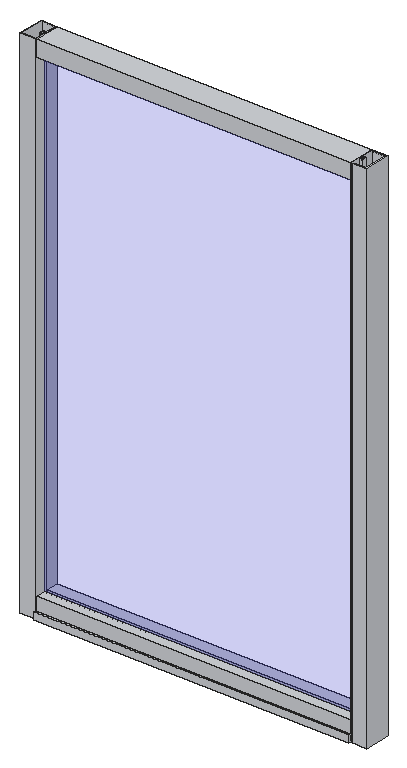
Revit family "4.ecoFRAMEplus 76mm Centre Pocket Framing", category Windows, host Wall, Revit 2021
Family settings
  Host = Wall
  OmniClass Number = 23.30.20.00
  OmniClass Title = Windows
  Always vertical = Yes
  Cut with Voids When Loaded = No
  Shared = No
  Room Calculation Point = No
Parameters
  Single Glazed [instance] = yes
  Rough Width = 0 mm  # constant formula
  Rough Height = 0 mm  # constant formula
  Height [instance] = 1500 mm
  Double Glazed [instance] = not(Single Glazed)  # no
  Default Sill Height = 800 mm
  Wall Closure = By host
  Width [instance] = 1000 mm
Reference planes
  plane 1 "Center (Front/Back)": y = 0
  plane 2 "Center (Left/Right)": x = 0
  plane 3 "Left": x = -500
  plane 4 "Right": x = 500
  plane 5 "Sill": z = 800
  plane 6 "Head": z = 2300
  plane 7 "Exterior": y = 100
  plane 8 "Interior": y = -100
Lines and regions (mm)
  Opening 1
    outline origin (3500, -100, 0) x (1, 0, 0) y (0, 0, 1)
      loop
        line (-3000, 800) -> (-3000, 2300) -> (-4000, 2300) -> (-4000, 800) -> (-3000, 800)
Text (mm)
  text "Exterior" at (-1963.203, 1332.353, 0), in view "Ref. Level"
  text "Interior" at (-1981.466, -818.386, 0), in view "Ref. Level"
  text "Exterior" at (0, 923.751, 2943.296), in view "Right"
  text "Exterior" at (0, 1040.484, 2685.409), in view "Left"
Dimensions and locks
  equal spacing: plane 3 "Left", plane 2 "Center (Left/Right)", plane 4 "Right"
  "Width": plane 3 "Left" to plane 4 "Right"
  "Height": plane 5 "Sill" to plane 6 "Head"
  "Default Sill Height": plane 5 "Sill" to level
  locked: plane 7 "Exterior" to host wall
  locked: plane 8 "Interior" to host wall
  aligned and locked: host wall to nested 1
  aligned and locked: nested 1 to plane 3 "Left"
  aligned and locked: nested 1 to plane 4 "Right"
  aligned and locked: nested 1 to plane 5 "Sill"
  aligned and locked: nested 1 to plane 6 "Head"
  aligned and locked: host wall to nested 2
  aligned and locked: nested 2 to plane 3 "Left"
  aligned and locked: nested 2 to plane 4 "Right"
  aligned and locked: nested 2 to plane 6 "Head"
  aligned and locked: nested 2 to plane 5 "Sill"
Automatic sketch dimensions
  Opening 1 sketch curve to plane 3 "Left" = 0 mm
  Opening 1 sketch curve to plane 4 "Right" = 0 mm
  Opening 1 sketch curve to plane 5 "Sill" = 0 mm
  Opening 1 sketch curve to plane 6 "Head" = 0 mm
Nested families
  nested 1: "ecoFRAMEplus 76mm Centre Pocket Single Glazed" at (0, -0.979, 288.148), visible <- "Single Glazed", type "ecoFRAMEplus 76mm Centre Pocket Single Glazed"
    with Width 1000 mm, Height 1500 mm, Glazing Thickness 6 mm, Glass Glass, Frame Material none, Actual Glazing Thickness (Manufacturer controlled) 6 mm
  nested 2: "ecoFRAMEplus 76mm Centre Pocket Double Glazed" at (0, -0.979, 1002.904), visible <- "Double Glazed", type "ecoFRAMEplus 76mm Centre Pocket Double Glazed"
    with Width 1000 mm, Overall Thickness Control 18 mm, Height 1500 mm, Glass Glass, Frame Material none, Double Glazing Thickness 99 mm, Air Gap Control 12 mm, Air Gap 99 mm
Definition of nested family "ecoFRAMEplus 76mm Centre Pocket Single Glazed"
  Parameters (values of type "ecoFRAMEplus 76mm Centre Pocket Single Glazed")
    Width [instance] = 1200 mm
    URL = "https://www.alspec.com.au/derwent-76mm-centre-pocket-framing"
    Sill Depth = 48.43 mm  # constant formula
    Manufacturer = "ALSPEC"
    Jamb Width = 76 mm  # constant formula
    Jamb Thickness = 45 mm  # constant formula
    Height [instance] = 1200 mm
    Head Depth = 60 mm  # constant formula
    Head & Sill Thickness = 85 mm  # constant formula
    Glazing Thickness [instance] = 6 mm
    Default Elevation = 1219.2 mm
    Actual Glazing Thickness (Manufacturer controlled) [instance] = if(Glazing Thickness > 14 mm, 14 mm, if(Glazing Thickness < 4 mm, 4 mm, Glazing Thickness))  # 6 mm
    Glass [instance] = none
    Frame Material [instance] = none
    Designer = "Viraj Mhatre"
  Reference planes
    plane 1 "Center (Front/Back)": y = 0.979
    plane 2: z = 1458.682
    plane 3 "Center (Left/Right)": x = 0
    plane 4 "Head Top": z = 2011.852
    plane 5 "Sill Bottom": z = 811.852
    plane 6: x = -600
    plane 7: x = -555
    plane 8: x = 555
    plane 9: x = 600
    plane 10: y = 3.979
    plane 11: y = -2.021
  Forms (mm)
    Extrusion 1, solid, material <- "Glass"
      sketch origin (0, 0, 1458.682) x (1, 0, 0) y (0, 1, 0)
        loop
          line (-564.781, 3.979) -> (-564.781, -2.021) -> (564.781, -2.021) -> (564.781, 3.979) -> (-564.781, 3.979)
      from -600.4 to 517.951
    Sweep 2, solid, material <- "Frame Material"
      path origin (0, 0, 1458.682) x (1, 0, 0) y (0, 1, 0)
        loop
          line (-564.781, -3.03) -> (-564.781, 4.989) -> (-555, 4.989) -> (-555, 42.989) -> (-600, 42.989) -> (-600, -33.011) -> (-555, -33.011) -> (-555, -3.03) -> (-564.781, -3.03)
      profile origin (-564.781, 0.979, 1458.682) x (-1, 0, 0) y (0, 0, 1)
        loop
          line (0, -646.83) -> (2, -646.83) -> (2, 553.17) -> (0, 553.17) -> (0, -646.83)
    Sweep 3, solid, material <- "Frame Material"
      path origin (0, 0, 1458.682) x (1, 0, 0) y (0, 1, 0)
        loop
          line (564.781, -3.03) -> (555, -3.03) -> (555, -33.011) -> (600, -33.011) -> (600, 42.989) -> (555, 42.989) -> (555, 4.989) -> (564.781, 4.989) -> (564.781, -3.03)
      profile origin (564.781, 0.979, 1458.682) x (-1, 0, 0) y (0, 0, 1)
        loop
          line (0, -646.83) -> (0, 553.17) -> (-2, 553.17) -> (-2, -646.83) -> (0, -646.83)
    Sweep 4, solid, material <- "Frame Material"
      path origin (0, 0, 0) x (0, 1, 0) y (0, 0, 1)
        loop
          line (48.968, 811.852) -> (48.968, 846.182) -> (42.59, 846.182) -> (42.59, 870.282) -> (4.989, 870.282) -> (4.989, 858.282) -> (-3.03, 858.282) -> (-3.03, 870.232) -> (-33.41, 870.232) -> (-33.41, 833.382) -> (-39.432, 833.382) -> (-39.432, 811.852) -> (48.968, 811.852)
      profile origin (0, 4.768, 811.852) x (0, 0, -1) y (1, 0, 0)
        loop
          line (0, -555) -> (0, 555) -> (-2, 555) -> (-2, -555) -> (0, -555)
    Sweep 5, solid, material <- "Frame Material"
      path origin (0, 0, 0) x (0, 1, 0) y (0, 0, 1)
        loop
          line (-3.03, 1976.633) -> (4.989, 1976.633) -> (4.989, 1966.852) -> (42.989, 1966.852) -> (42.989, 2011.852) -> (-33.011, 2011.852) -> (-33.011, 1966.852) -> (-3.03, 1966.852) -> (-3.03, 1976.633)
      profile origin (0, 0.979, 1976.633) x (0, 0, 1) y (1, 0, 0)
        loop
          line (0, -555) -> (2, -555) -> (2, 555) -> (0, 555) -> (0, -555)
  Lines and regions (mm)
    Masking region 1, detail levels coarse+fine
      outline origin (0, 0, 1458.682) x (1, 0, 0) y (0, 1, 0)
        loop
          line (-555, 42.989) -> (-600, 42.989) -> (-600, -33.011) -> (-555, -33.011) -> (-555, -3.03) -> (-564.781, -3.03) -> (-564.781, 4.989) -> (-555, 4.989) -> (-555, 42.989)
        loop
          line (600, 42.989) -> (555, 42.989) -> (555, 4.989) -> (564.781, 4.989) -> (564.781, -3.03) -> (555, -3.03) -> (555, -33.011) -> (600, -33.011) -> (600, 42.989)
    Masking region 2, detail levels coarse+fine
      outline origin (0, 0, 0) x (0, 1, 0) y (0, 0, 1)
        loop
          line (42.989, 2011.852) -> (-33.011, 2011.852) -> (-33.011, 1966.852) -> (-3.03, 1966.852) -> (-3.03, 1976.633) -> (4.989, 1976.633) -> (4.989, 1966.852) -> (42.989, 1966.852) -> (42.989, 2011.852)
        loop
          line (48.968, 846.182) -> (42.59, 846.182) -> (42.59, 870.282) -> (4.989, 870.282) -> (4.989, 858.282) -> (-3.03, 858.282) -> (-3.03, 870.232) -> (-33.41, 870.232) -> (-33.41, 833.382) -> (-39.432, 833.382) -> (-39.432, 811.852) -> (48.968, 811.852) -> (48.968, 846.182)
    symbolic lines
      curve 1: line (600, 42.989, 1458.682) -> (-600, 42.989, 1458.682)
      curve 2: line (-600, 42.989, 1458.682) -> (-600, -33.011, 1458.682)
      curve 3: line (-600, -33.011, 1458.682) -> (600, -33.011, 1458.682)
      curve 4: line (600, -33.011, 1458.682) -> (600, 42.989, 1458.682)
      curve 5: line (0, -39.432, 811.852) -> (0, 48.968, 811.852)
      curve 6: line (0, -39.432, 2011.852) -> (0, -39.432, 811.852)
      curve 7: line (0, 48.968, 811.852) -> (0, 48.968, 2011.852)
      curve 8: line (0, 48.968, 2011.852) -> (0, -39.432, 2011.852)
  Dimensions and locks
    "Height": plane 4 "Head Top" to plane 5 "Sill Bottom"
    "Jamb Thickness": plane 6 to plane 7
    "Jamb Thickness": plane 8 to plane 9
    equal spacing: plane 10, plane 1 "Center (Front/Back)", plane 11  (x2)
    "Actual Glazing Thickness (Manufacturer controlled)": plane 10 to plane 11
    equal spacing: plane 6, plane 3 "Center (Left/Right)", plane 9
    "Width": plane 6 to plane 9
    Extrusion 1 to plane 3 "Center (Left/Right)" = 564.781 mm
    aligned and locked: level to plane 2
    aligned and locked: Extrusion 1 sketch curve to plane 10
    aligned and locked: plane 11 to Extrusion 1 sketch curve
    aligned and locked: plane 1 "Center (Front/Back)" to import instance  (x2)
    aligned and locked: plane 6 to import instance
    aligned and locked: import instance to plane 1 "Center (Front/Back)"  (x2)
    aligned and locked: plane 9 to import instance
    aligned and locked: Sweep 2 sketch curve to import instance  (x8)
    aligned and locked: Sweep 3 sketch curve to import instance  (x8)
    aligned and locked: Sweep 2 sketch curve to plane 4 "Head Top"
    aligned and locked: plane 5 "Sill Bottom" to Sweep 2 sketch curve
    aligned and locked: plane 4 "Head Top" to Sweep 3 sketch curve
    aligned and locked: Sweep 3 sketch curve to plane 5 "Sill Bottom"
    aligned and locked: plane 4 "Head Top" to import instance
    aligned and locked: plane 5 "Sill Bottom" to import instance
    aligned and locked: Sweep 4 sketch curve to import instance  (x12)
    aligned and locked: Sweep 5 sketch curve to import instance  (x8)
    aligned and locked: Sweep 5 sketch curve to plane 8
    aligned and locked: plane 7 to Sweep 5 sketch curve
    aligned and locked: Sweep 4 sketch curve to plane 8
    aligned and locked: plane 7 to Sweep 4 sketch curve
    aligned and locked: Extrusion 1 to Sweep 5
    aligned and locked: Extrusion 1 to Sweep 4
    aligned and locked: Masking region 1 sketch curve to Sweep 2  (x8)
    aligned and locked: Masking region 1 sketch curve to Sweep 3  (x8)
    aligned and locked: Masking region 2 sketch curve to Sweep 5  (x8)
    aligned and locked: Masking region 2 sketch curve to Sweep 4  (x12)
    aligned and locked: Extrusion 1 to Sweep 3
    aligned and locked: Extrusion 1 to Sweep 2
    aligned and locked: nested 1 to plane 1 "Center (Front/Back)"
    aligned and locked: nested 1 to plane 4 "Head Top"
    aligned and locked: nested 2 to plane 1 "Center (Front/Back)"
    aligned and locked: nested 2 to plane 5 "Sill Bottom"
    aligned and locked: curve 1 to Masking region 1
    aligned and locked: curve 2 to Masking region 1
    aligned and locked: curve 3 to Masking region 1
    aligned and locked: curve 4 to Masking region 1
    aligned and locked: curve 5 to Masking region 2
    aligned and locked: curve 6 to Masking region 2
    aligned and locked: curve 7 to Masking region 2
    aligned and locked: curve 8 to Masking region 2
    aligned and locked: plane 1 "Center (Front/Back)" to nested 3
    aligned and locked: plane 6 to nested 3
    aligned and locked: plane 1 "Center (Front/Back)" to nested 4
    aligned and locked: plane 9 to nested 4
  Automatic sketch dimensions
    Extrusion 1 sketch curve to plane 7 = 9.781 mm
    plane 8 to Extrusion 1 sketch curve = 9.781 mm
    Sweep 2 sketch curve to profile plane = 0 mm
    Sweep 2 sketch curve to profile plane = 2 mm
    Sweep 3 sketch curve to plane 8 = 0 mm
    Sweep 3 sketch curve to profile plane = 0 mm
    profile plane to Sweep 3 sketch curve = 2 mm
    Sweep 4 sketch curve to profile plane = 0 mm
    profile plane to Sweep 4 sketch curve = 2 mm
    Sweep 5 sketch curve to profile plane = 0 mm
    Sweep 5 sketch curve to profile plane = 2 mm
  Nested families
    nested 1: "Head2" at (0, 0.979, 2011.852) x (0, 1, 0) z (1, 0, 0), type "Head2", detail levels fine
    nested 2: "Sill2" at (0, 0.979, 811.852) x (0, 1, 0) z (1, 0, 0), type "Sill2", detail levels fine
    nested 3: "Left Jamb2" at (-600, 0.979, 1458.682), type "Left Jamb2", detail levels fine
    nested 4: "Right Jamb 2" at (600, 0.979, 1458.682), type "Right Jamb 2", detail levels fine
  Definition of nested family "Head2"
    Reference planes
      plane 1 "Center (Front/Back)": y = 0
      plane 2: z = 0
      plane 3 "Center (Left/Right)": x = 0
    Dimensions and locks
      aligned and locked: import instance to plane 3 "Center (Left/Right)"
      aligned and locked: plane 1 "Center (Front/Back)" to import instance
  Definition of nested family "Sill2"
    Reference planes
      plane 1 "Center (Front/Back)": y = 0
      plane 2: z = 0
      plane 3 "Center (Left/Right)": x = 0
    Dimensions and locks
      aligned and locked: plane 3 "Center (Left/Right)" to import instance
      aligned and locked: plane 1 "Center (Front/Back)" to import instance
  Definition of nested family "Left Jamb2"
    Reference planes
      plane 1 "Center (Front/Back)": y = 0
      plane 2: z = 0
      plane 3 "Center (Left/Right)": x = 0
    Dimensions and locks
      aligned and locked: plane 1 "Center (Front/Back)" to import instance
      aligned and locked: plane 3 "Center (Left/Right)" to import instance
  Definition of nested family "Right Jamb 2"
    Reference planes
      plane 1 "Center (Front/Back)": y = 0
      plane 2: z = 0
      plane 3 "Center (Left/Right)": x = 0
    Dimensions and locks
      aligned and locked: import instance to plane 1 "Center (Front/Back)"
      aligned and locked: plane 3 "Center (Left/Right)" to import instance
Definition of nested family "ecoFRAMEplus 76mm Centre Pocket Double Glazed"
  Parameters (values of type "ecoFRAMEplus 76mm Centre Pocket Double Glazed")
    Width [instance] = 750 mm
    URL = "https://www.alspec.com.au/derwent-76mm-centre-pocket-framing"
    Overall Thickness Control [instance] = if(Double Glazing Thickness > 18 mm, 18 mm, if(Double Glazing Thickness < 16 mm, 16 mm, Double Glazing Thickness))  # 18 mm
    Manufacturer = "ALSPEC"
    Jamb Width = 45 mm  # constant formula
    Height [instance] = 750 mm
    Glass [instance] = none
    Frame Material [instance] = none
    Double Glazing Thickness [instance] = 99 mm
    Designer = "Viraj Mhatre"
    Default Elevation = 0 mm
    Air Gap Control [instance] = if(Air Gap > 12 mm, 12 mm, if(Air Gap < 6 mm, 6 mm, Air Gap))  # 12 mm
    Air Gap [instance] = 99 mm
  Reference planes
    plane 1 "Center (Front/Back)": y = 0.979
    plane 2: z = 368.682
    plane 3 "Center (Left/Right)": x = 0
    plane 4 "Head Top": z = 1297.096
    plane 5 "Sill Bottom": z = 547.096
    plane 6: x = -375
    plane 7: x = 375
    plane 8: y = 9.979
    plane 9: y = 6.979
    plane 10: y = -5.021
    plane 11: y = -8.021
    plane 12: x = -330
    plane 13: x = 330
  Forms (mm)
    Extrusion 1, solid, material <- "Glass"
      sketch origin (0, 0, 0) x (0, 1, 0) y (0, 0, 1)
        loop
          line (9.979, 1264.096) -> (6.979, 1264.096) -> (6.979, 593.526) -> (9.979, 593.526) -> (9.979, 1264.096)
        loop
          line (-5.021, 1264.096) -> (-8.021, 1264.096) -> (-8.021, 593.526) -> (-5.021, 593.526) -> (-5.021, 1264.096)
      from -342 to 342
    Sweep 2, solid, material <- "Frame Material"
      path origin (0, 0, 0) x (0, 1, 0) y (0, 0, 1)
        loop
          line (-7.039, 1252.096) -> (-7.039, 1264.096) -> (-1.878, 1264.096) -> (-1.878, 1255.619) -> (4.122, 1255.619) -> (4.122, 1264.096) -> (8.998, 1264.096) -> (8.998, 1252.096) -> (38.979, 1252.096) -> (38.979, 1297.096) -> (-37.021, 1297.096) -> (-37.021, 1252.096) -> (-7.039, 1252.096)
      profile origin (0, -22.03, 1252.096) x (0, 0, -1) y (1, 0, 0)
        loop
          line (0, -330) -> (0, 330) -> (-2, 330) -> (-2, -330) -> (0, -330)
    Sweep 3, solid, material <- "Frame Material"
      path origin (0, 0, 0) x (0, 1, 0) y (0, 0, 1)
        loop
          line (-43.191, 547.096) -> (45.209, 547.096) -> (45.209, 568.626) -> (39.188, 568.626) -> (39.188, 605.476) -> (8.825, 605.476) -> (8.825, 593.526) -> (4.181, 593.526) -> (4.181, 602.003) -> (-1.819, 602.003) -> (-1.819, 593.526) -> (-6.866, 593.526) -> (-6.866, 605.526) -> (-36.812, 605.526) -> (-36.812, 581.426) -> (-43.191, 581.426) -> (-43.191, 547.096)
      profile origin (0, 1.009, 547.096) x (0, 0, 1) y (1, 0, 0)
        loop
          line (0, -330) -> (2, -330) -> (2, 330) -> (0, 330) -> (0, -330)
    Sweep 4, solid, material <- "Frame Material"
      path origin (0, 0, 368.682) x (1, 0, 0) y (0, 1, 0)
        loop
          line (-330, -6.829) -> (-342, -6.829) -> (-342, -1.782) -> (-333.523, -1.782) -> (-333.523, 4.218) -> (-342, 4.218) -> (-342, 8.788) -> (-330, 8.788) -> (-330, 39.225) -> (-375, 39.225) -> (-375, -36.775) -> (-330, -36.775) -> (-330, -6.829)
      profile origin (-336, -6.829, 368.682) x (0, -1, 0) y (0, 0, 1)
        loop
          line (0, 178.414) -> (2, 178.414) -> (2, 928.414) -> (0, 928.414) -> (0, 178.414)
    Sweep 5, solid, material <- "Frame Material"
      path origin (0, 0, 368.682) x (1, 0, 0) y (0, 1, 0)
        loop
          line (342, 4.218) -> (333.523, 4.218) -> (333.523, -1.782) -> (342, -1.782) -> (342, -6.829) -> (330, -6.829) -> (330, -36.775) -> (375, -36.775) -> (375, 39.225) -> (330, 39.225) -> (330, 8.788) -> (342, 8.788) -> (342, 4.218)
      profile origin (342, 6.503, 368.682) x (-1, 0, 0) y (0, 0, 1)
        loop
          line (0, 178.414) -> (0, 928.414) -> (-2, 928.414) -> (-2, 178.414) -> (0, 178.414)
  Lines and regions (mm)
    Masking region 1, detail levels coarse+fine
      outline origin (0, 0, 0) x (0, 1, 0) y (0, 0, 1)
        loop
          line (-7.039, 1252.096) -> (-7.039, 1264.096) -> (-1.878, 1264.096) -> (-1.878, 1255.619) -> (4.122, 1255.619) -> (4.122, 1264.096) -> (8.998, 1264.096) -> (8.998, 1252.096) -> (38.979, 1252.096) -> (38.979, 1297.096) -> (-37.021, 1297.096) -> (-37.021, 1252.096) -> (-7.039, 1252.096)
        loop
          line (-6.866, 605.526) -> (-36.812, 605.526) -> (-36.812, 581.426) -> (-43.191, 581.426) -> (-43.191, 547.096) -> (45.209, 547.096) -> (45.209, 568.626) -> (39.188, 568.626) -> (39.188, 605.476) -> (8.825, 605.476) -> (8.825, 593.526) -> (4.181, 593.526) -> (4.181, 602.003) -> (-1.819, 602.003) -> (-1.819, 593.526) -> (-6.866, 593.526) -> (-6.866, 605.526)
    Masking region 2, detail levels coarse+fine
      outline origin (0, 0, 368.682) x (1, 0, 0) y (0, 1, 0)
        loop
          line (-342, 8.788) -> (-330, 8.788) -> (-330, 39.225) -> (-375, 39.225) -> (-375, -36.775) -> (-330, -36.775) -> (-330, -6.829) -> (-342, -6.829) -> (-342, -1.782) -> (-333.523, -1.782) -> (-333.523, 4.218) -> (-342, 4.218) -> (-342, 8.788)
        loop
          line (333.523, 4.218) -> (333.523, -1.782) -> (342, -1.782) -> (342, -6.829) -> (330, -6.829) -> (330, -36.775) -> (375, -36.775) -> (375, 39.225) -> (330, 39.225) -> (330, 8.788) -> (342, 8.788) -> (342, 4.218) -> (333.523, 4.218)
    symbolic lines
      curve 1: line (-375, 39.225, 368.682) -> (-375, -36.775, 368.682)
      curve 2: line (375, 39.225, 368.682) -> (-375, 39.225, 368.682)
      curve 3: line (-375, -36.775, 368.682) -> (375, -36.775, 368.682)
      curve 4: line (375, -36.775, 368.682) -> (375, 39.225, 368.682)
      curve 5: line (0, 45.209, 547.096) -> (0, 45.209, 1297.096)
      curve 6: line (0, -43.191, 1297.096) -> (0, -43.191, 547.096)
      curve 7: line (0, -43.191, 547.096) -> (0, 45.209, 547.096)
      curve 8: line (0, 45.209, 1297.096) -> (0, -43.191, 1297.096)
  Dimensions and locks
    "Height": plane 4 "Head Top" to plane 5 "Sill Bottom"
    equal spacing: plane 6, plane 3 "Center (Left/Right)", plane 7
    "Width": plane 6 to plane 7
    equal spacing: plane 8, plane 1 "Center (Front/Back)", plane 11
    "Overall Thickness Control": plane 8 to plane 11
    "Air Gap Control": plane 9 to plane 10
    equal spacing: plane 9, plane 1 "Center (Front/Back)", plane 10
    locked: Extrusion 1 sketch curve to Extrusion 1 sketch curve  (x2)
    "Jamb Width": plane 6 to plane 12
    "Jamb Width": plane 13 to plane 7
    Extrusion 1 to Extrusion 1 = 18 mm
    aligned and locked: level to plane 2
    aligned and locked: plane 1 "Center (Front/Back)" to import instance
    aligned and locked: import instance to plane 6
    aligned and locked: import instance to plane 1 "Center (Front/Back)"  (x3)
    aligned and locked: import instance to plane 7
    aligned and locked: import instance to plane 5 "Sill Bottom"
    aligned and locked: plane 8 to Extrusion 1 sketch curve
    aligned and locked: Extrusion 1 sketch curve to plane 9
    aligned and locked: plane 10 to Extrusion 1 sketch curve
    aligned and locked: Extrusion 1 sketch curve to plane 11
    aligned and locked: Extrusion 1 to import instance  (x4)
    aligned and locked: import instance to plane 4 "Head Top"
    aligned and locked: Sweep 2 sketch curve to import instance  (x10)
    aligned and locked: Extrusion 1 to Sweep 2 sketch curve
    aligned and locked: Sweep 2 sketch curve to Extrusion 1
    aligned and locked: Sweep 3 sketch curve to import instance  (x14)
    aligned and locked: Extrusion 1 to Sweep 3 sketch curve
    aligned and locked: Sweep 3 sketch curve to Extrusion 1
    aligned and locked: Sweep 4 sketch curve to import instance  (x12)
    aligned and locked: Sweep 5 sketch curve to import instance  (x12)
    aligned and locked: plane 4 "Head Top" to Sweep 4 sketch curve
    aligned and locked: Sweep 4 sketch curve to plane 5 "Sill Bottom"
    aligned and locked: Sweep 5 sketch curve to plane 4 "Head Top"
    aligned and locked: plane 5 "Sill Bottom" to Sweep 5 sketch curve
    aligned and locked: plane 12 to Sweep 4
    aligned and locked: plane 13 to Sweep 5
    aligned and locked: plane 12 to Sweep 2 sketch curve
    aligned and locked: Sweep 2 sketch curve to plane 13
    aligned and locked: Sweep 3 sketch curve to plane 13
    aligned and locked: plane 12 to Sweep 3 sketch curve
    aligned and locked: Masking region 1 sketch curve to import instance  (x28)
    aligned and locked: curve 5 to Masking region 1
    aligned and locked: curve 6 to Masking region 1
    aligned and locked: curve 7 to Masking region 1
    aligned and locked: curve 8 to Masking region 1
    aligned and locked: nested 1 to plane 1 "Center (Front/Back)"
    aligned and locked: plane 4 "Head Top" to nested 1
    aligned and locked: nested 2 to plane 1 "Center (Front/Back)"
    aligned and locked: plane 5 "Sill Bottom" to nested 2
    aligned and locked: Masking region 2 sketch curve to Sweep 4  (x12)
    aligned and locked: Masking region 2 sketch curve to Sweep 5  (x12)
    aligned and locked: nested 4 to plane 1 "Center (Front/Back)"
    aligned and locked: plane 6 to nested 4
    aligned and locked: plane 1 "Center (Front/Back)" to nested 3
    aligned and locked: plane 7 to nested 3
  Automatic sketch dimensions
    plane 5 "Sill Bottom" to Extrusion 1 sketch curve = 46.43 mm
    Extrusion 1 sketch curve to plane 4 "Head Top" = 33 mm
    Sweep 2 sketch curve to profile plane = 0 mm
    profile plane to Sweep 2 sketch curve = 2 mm
    Sweep 3 sketch curve to profile plane = 0 mm
    Sweep 3 sketch curve to profile plane = 2 mm
    Sweep 4 sketch curve to profile plane = 0 mm
    Sweep 4 sketch curve to profile plane = 2 mm
    Sweep 5 sketch curve to profile plane = 0 mm
    profile plane to Sweep 5 sketch curve = 2 mm
    curve 1 to plane 6 = 0 mm
    curve 3 to plane 7 = 0 mm
    curve 1 to plane 11 = 28.754 mm
    plane 8 to curve 2 = 29.246 mm
  Nested families
    nested 1: "H" at (0, 0.979, 1297.096) x (0, -1, 0) z (1, 0, 0), type "H", detail levels fine
    nested 2: "S" at (0, 0.979, 547.096) x (0, -1, 0) z (1, 0, 0), type "S", detail levels fine
    nested 3: "RJ" at (375, 0.979, 368.682), type "RJ", detail levels fine
    nested 4: "RJ" at (-375, 0.979, 368.682) x (-1, 0, 0) z (0, 0, 1), type "RJ", detail levels fine
  Definition of nested family "H"
    Reference planes
      plane 1 "Center (Front/Back)": y = 0
      plane 2: z = 0
      plane 3 "Center (Left/Right)": x = 0
    Dimensions and locks
      aligned and locked: import instance to plane 3 "Center (Left/Right)"
      aligned and locked: plane 1 "Center (Front/Back)" to import instance
  Definition of nested family "S"
    Reference planes
      plane 1 "Center (Front/Back)": y = 0
      plane 2: z = 0
      plane 3 "Center (Left/Right)": x = 0
    Dimensions and locks
      aligned and locked: import instance to plane 3 "Center (Left/Right)"
      aligned and locked: plane 1 "Center (Front/Back)" to import instance
  Definition of nested family "RJ"
    Reference planes
      plane 1 "Center (Front/Back)": y = 0
      plane 2: z = 0
      plane 3 "Center (Left/Right)": x = 0
    Dimensions and locks
      aligned and locked: import instance to plane 1 "Center (Front/Back)"
      aligned and locked: import instance to plane 3 "Center (Left/Right)"
